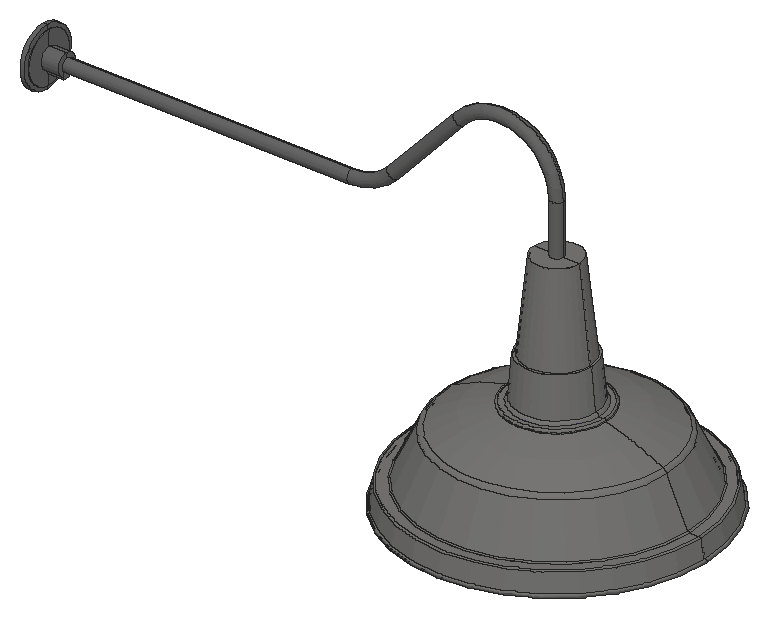
Revit family "OSNC MB 24,36,40", category Lighting Fixtures, Revit 2020
Family settings
  Round Connector Dimension = Use Diameter
  Part Type = Normal
  OmniClass Number = 23.80.70.00
  OmniClass Title = Lighting
  Work Plane-Based = No
  Always vertical = Yes
  Cut with Voids When Loaded = No
  Light Source = Yes
  Shared = No
  Room Calculation Point = No
Parameters (values of type "OSNC24")
  b = 0' - 2"
  a = 1' - 6"
  Weight = "10.0 lbs"
  Wattage Comments = "200 W"
  Wattage = 20.1963 W
  Warranty = "5 year limited warranty"  # constant formula
  built-in parameter 1150110 = 1 (stored number, unit not read)
  Voltage = 120 V
  URL = "https://www.anplighting.com/assets/Uploads/product-attachments/specification-sheets/ANP-Specification-Sheet-RLM-MB-OSNC24.pdf"
  built-in parameter 1114217 = 1 (stored number, unit not read)
  Tilt Angle = 90.00°
  built-in parameter 1150109 = 1 (stored number, unit not read)
  built-in parameter 1150134 = 12
  built-in parameter 1150113 = 1 (stored number, unit not read)
  Photometric Web File = "generic"
  OSNC40 = no
  OSNC36 = no
  OSNC24 = yes
  built-in parameter 1150142 = (empty or 0)
  Mounting Option [instance] = 4
  Power Factor = 1
  Post Mount [instance] = Mounting Option = 5  # no
  Placement X axis side [instance] = if(Post Mount, 2' 2 15/32", if(Cord or Stem Mount, 0' 0", if(E36 20 inch, 1' 8 1/4", if(E 6 26 inch, 2' 2", if(E7 41 inch, 3' 5 1/4", 0' 1")))))  # 3' - 5 1/4"
  Model = "OSNC24"
  Manufacturer = "ANP Lighting"  # constant formula
  built-in parameter 1150105 = 238.73 (stored number, unit not read)
  Lumens = 3000 lm
  built-in parameter 1150115 = 1 (stored number, unit not read)
  Load Classification = Lighting
  Light Source Height [instance] = 0' - 0"
  built-in parameter 1150137 = (empty or 0)
  built-in parameter 1150139 = (empty or 0)
  Light Elevation _2 [instance] = if(Post Mount, 0' 0.66142", if(E7 41 inch, 0' 0.66142", if(E36 20 inch, 0' 1.65748", if(E 6 26 inch, 0' 1.53543", if(Cord or Stem Mount, (0' 4.3622" + Cord Length), 0' 0")))))  # 0' - 0.66142"
  Light Elevation _1 [instance] = if(Post Mount, 0' 0", if(E7 41 inch, 0' 0", if(E36 20 inch, 0' 1", if(E 6 26 inch, 0' 0.87402", if(Cord or Stem Mount, (0' 3.66142" + Cord Length), 0' 0")))))  # 0' - 0"
  Light Elevation [instance] = if(Post Mount, 14' 0.5315", if(E7 41 inch, 0' 0", 0' 0"))  # 0' - 0"
  Life = "L70 50,000 hours"  # constant formula
  built-in parameter 1150112 = 1 (stored number, unit not read)
  built-in parameter 1150114 = 1 (stored number, unit not read)
  Lamp = "MB"
  built-in parameter 1150132 = 2
  built-in parameter 1150102 = (empty or 0)
  built-in parameter 1150107 = 4000 (stored number, unit not read)
  built-in parameter 1150138 = (empty or 0)
  built-in parameter 1150106 = 2.3873 (stored number, unit not read)
  INSIDE BODY = white
  Fixture Height = 1' - 6"
  Fixture Diameter = 2' - 0"
  Efficiency = "65-125 lumens per watt"  # constant formula
  built-in parameter 1150104 = 13.8 (stored number, unit not read)
  E7 41 inch [instance] = Mounting Option = 4  # yes
  E36 20 inch [instance] = Mounting Option = 3  # no
  E 6 26 inch [instance] = Mounting Option = 2  # no
  Dimming Lamp Color Temperature Shift = <None>
  Dimming = "1%"  # constant formula
  Description = "120-277 Voltage"  # constant formula
  Default Elevation = 0' - 0"
  Cord or Stem Mount [instance] = Mounting Option = 1  # no
  Cord Length option [instance] = 0
  Cord Length [instance] = if([2' Cord], 2' 0", if([4' Cord], 4' 0", if([8' Cord], 8' 0", if([10' Cord], 10' 0", if([6' Cord], 6' 0", 6' 0")))))  # 6' - 0"
  Construction Material = "Heavy Duty spun aluminum."  # constant formula
  Color Filter = 16777215
  Canopy Body = Texture Black
  CRI = ">90"  # constant formula
  Bulb = Glass
  Body Material = body
  Body Colour = "Spun aluminium"  # constant formula
  built-in parameter 1114218 = 1 (stored number, unit not read)
  built-in parameter 1150133 = 10 (stored number, unit not read)
  Apparent Load = 200 VA
  8' Cord [instance] = Cord Length option = 8  # no
  6' Cord [instance] = Cord Length option = 6  # no
  4' Cord [instance] = Cord Length option = 4  # no
  2' Cord [instance] = Cord Length option = 2  # no
  10' Cord [instance] = Cord Length option = 10  # no
Reference planes (in)
  plane 1 "Light Source Axis (F/B)": y = 0
  plane 2: z = 0
  plane 3 "Light Source Axis (L/R)": x = 0
  plane 4 "Light Source Elevation": z = 0
  plane 5: z = 0
  plane 6: x = 41.25
  plane 7 "Bulb Position": z = -0.66142
  plane 8 "Canopy Position": z = 0
  plane 9 "IES": z = -0.66142
  plane 10: z = 164.5315
  plane 11: z = -18
  plane 12: z = -16
  plane 13: z = -13.56887
Dimensions and locks (in)
  "Light Elevation": plane 5 to plane 2
  "Placement X axis side": plane 6 to plane 3 "Light Source Axis (L/R)"
  "Light Elevation _2": plane 5 to plane 7 "Bulb Position"
  "Light Elevation _1": plane 5 to plane 8 "Canopy Position"
  "Light Source Height": plane 7 "Bulb Position" to plane 9 "IES"
  plane 4 "Light Source Elevation" to plane 2 = 0' - 0"
  "a": plane 8 "Canopy Position" to plane 11
  "b": plane 12 to plane 11
  locked: plane 13 to plane 12 at 2.43113
  aligned and locked: level to plane 2
  aligned and locked: plane 1 "Light Source Axis (F/B)" to nested 5
  aligned and locked: nested 5 to plane 2
  aligned and locked: nested 1 to plane 3 "Light Source Axis (L/R)"
  aligned and locked: plane 3 "Light Source Axis (L/R)" to nested 2
  aligned and locked: plane 3 "Light Source Axis (L/R)" to nested 4
  aligned and locked: nested 3 to plane 5
  aligned and locked: plane 3 "Light Source Axis (L/R)" to nested 3
  aligned and locked: plane 3 "Light Source Axis (L/R)" to nested 5
  aligned and locked: plane 1 "Light Source Axis (F/B)" to nested 2
  aligned and locked: plane 1 "Light Source Axis (F/B)" to nested 1
  aligned and locked: plane 1 "Light Source Axis (F/B)" to nested 4
  aligned and locked: plane 1 "Light Source Axis (F/B)" to nested 3
  aligned and locked: plane 2 to nested 1
  aligned and locked: nested 2 to plane 2
  aligned and locked: nested 4 to plane 2
  aligned and locked: plane 6 to imposter light
  aligned and locked: imposter light to plane 12
  aligned and locked: plane 6 to nested 7
  aligned and locked: plane 1 "Light Source Axis (F/B)" to nested 7
  aligned and locked: nested 7 to plane 8 "Canopy Position"
  aligned and locked: plane 6 to nested 8
  aligned and locked: plane 1 "Light Source Axis (F/B)" to nested 8
  aligned and locked: nested 8 to plane 8 "Canopy Position"
  aligned and locked: plane 6 to nested 6
  aligned and locked: plane 1 "Light Source Axis (F/B)" to nested 6
  aligned and locked: nested 6 to plane 8 "Canopy Position"
Nested families (in)
  nested 1: "CORD OR STEM MOUNT" at (0, 0, -75.67), visible <- "Cord or Stem Mount", Cord or Stem Mount <- "Cord or Stem Mount", Body Material <- "Body Material", Light Elevation <- "Light Elevation", Cord Length <- "Cord Length", 10' Cord <- "10' Cord", 2' Cord <- "2' Cord", 4' Cord <- "4' Cord", 6' Cord <- "6' Cord", 8' Cord <- "8' Cord", type "CORD OR STEM MOUNT"
    with Light Elevation 0' - 0", Cord or Stem Mount no, Cord Length 6' - 0", Body Material body, 8' Cord no, 6' Cord no, 4' Cord no, 2' Cord no, 10' Cord no
  nested 2: "E6 26 INCH" at (41.25, 0, 0), visible <- "E 6 26 inch", Chain Length <- "Cord Length", E 6 26 inch <- "E 6 26 inch", Placement X axis side <- "Placement X axis side", Body Material <- "Body Material", Light Elevation <- "Light Elevation", type "E6 26 INCH"
    with Placement X axis side 3' - 5 1/4", Light Elevation 0' - 0", E 6 26 inch no, Chain Length 6' - 0", Body Material body
  nested 3: "E7 41 INCH" at (41.25, 0, 0), Chain Length <- "Cord Length", visible <- "E7 41 inch", E7 41 inch <- "E7 41 inch", Placement X axis side <- "Placement X axis side", Body Material <- "Body Material", Light Elevation <- "Light Elevation", type "E7 41 INCH"
    with Placement X axis side 3' - 5 1/4", Light Elevation 0' - 0", E7 41 inch yes, Chain Length 6' - 0", Body Material body
  nested 4: "E36 20 INCH" at (41.25, 0, 0), visible <- "E36 20 inch", E36 20 inch <- "E36 20 inch", Placement X axis side <- "Placement X axis side", Chain Length <- "Cord Length", Body Material <- "Body Material", Light Elevation <- "Light Elevation", type "E36 20 INCH"
    with Placement X axis side 3' - 5 1/4", Light Elevation 0' - 0", E36 20 inch no, Chain Length 6' - 0", Body Material body
  nested 5: "POST MOUNT" at (41.25, 0, 0), visible <- "Post Mount", Post Mount <- "Post Mount", Placement X axis side <- "Placement X axis side", Chain Length <- "Cord Length", Body Material <- "Body Material", Light Elevation <- "Light Elevation", type "POST MOUNT"
    with Post Mount no, Placement X axis side 3' - 5 1/4", Light Elevation 0' - 0", Chain Length 6' - 0", Body Material body
  nested 6: "OSNC36_1" at (41.25, 0, 0), Light Elevation <- "Light Elevation", Bulb <- "Bulb", Body <- "Canopy Body", visible <- "OSNC36", OSNC36 <- "OSNC36", INSIDE BODY <- "INSIDE BODY", type "OSNC36_1"
    with OSNC36 no, Light Elevation 0' - 0", INSIDE BODY white, Bulb Glass, Body Texture Black
  nested 7: "OSNC24_1" at (41.25, 0, 0), Light Elevation <- "Light Elevation", Bulb <- "Bulb", Body <- "Canopy Body", visible <- "OSNC24", OSNC24 <- "OSNC24", type "OSNC24_1"
    with OSNC24 yes, Light Elevation 0' - 0", Bulb Glass, Body Texture Black
  nested 8: "OSNC40_1" at (41.25, 0, 0), OSNC40 <- "OSNC40", visible <- "OSNC40", Body <- "Canopy Body", Bulb <- "Bulb", Light Elevation <- "Light Elevation", INSIDE BODY <- "INSIDE BODY", type "OSNC40_1"
    with OSNC40 no, Light Elevation 0' - 0", INSIDE BODY white, Bulb Glass, Body Texture Black
Definition of nested family "E7 41 INCH"
  Parameters (values of type "E7 41 INCH")
    URL = ""
    Placement X axis side [instance] = 4' - 2"
    Model = ""
    Manufacturer = ""
    Light Elevation [instance] = 8' - 4"
    E7 41 inch [instance] = yes
    Default Elevation = 0' - 0"
    Chain Length [instance] = 0' - 0"
    Body Material [instance] = none
  Reference planes (in)
    plane 1 "Light Source Axis (F/B)": y = 0
    plane 2: z = 0
    plane 3 "Light Source Axis (L/R)": x = 0
    plane 4 "Light Source Elevation": z = 23.125
    plane 5: z = 100
    plane 6: x = -50
  Forms (in)
    Extrusion 1, void, not visible
      sketch origin (0, 0, 2.38154) x (1, 0, 0) y (0, 0, 1)
        loop
          circle (0, 4.59925) r 0.16583
      from 1.18594 to 1.75
    Extrusion 2, void, not visible
      sketch origin (0, 0, 2.38154) x (0.707107, -0.707107, 0) y (0, 0, 1)
        loop
          circle (0, 4.59925) r 0.16583
      from 1.18594 to 1.75
    Extrusion 3, void, not visible
      sketch origin (0, 0, 2.38154) x (0.707107, 0.707107, 0) y (0, 0, 1)
        loop
          circle (0, 4.59925) r 0.16583
      from 1.18594 to 1.75
    Extrusion 4, void, not visible
      sketch origin (0, 0, 2.38154) x (0, 1, 0) y (0, 0, 1)
        loop
          circle (0, 4.59925) r 0.16583
      from 1.18594 to 1.75
    Extrusion 5, void, not visible
      sketch origin (0, 0, 2.38154) x (-0.707107, 0.707107, 0) y (0, 0, 1)
        loop
          circle (0, 4.59925) r 0.16583
      from 1.18594 to 1.75
    Extrusion 6, void, not visible
      sketch origin (0, 0, 2.38154) x (-1, 0, 0) y (0, 0, 1)
        loop
          circle (0, 4.59925) r 0.20678
      from 1.18594 to 1.75
    Extrusion 7, void, not visible
      sketch origin (0, 0, 2.38154) x (-0.707107, -0.707107, 0) y (0, 0, 1)
        loop
          circle (0, 4.59925) r 0.16583
      from 1.18594 to 1.75
    Extrusion 8, void, not visible
      sketch origin (0, 0, 2.38154) x (0, -1, 0) y (0, 0, 1)
        loop
          circle (0, 4.59925) r 0.16583
      from 1.18594 to 1.75
    Revolve 9, solid, material <- "Body Material", visible <- "E7 41 inch"
      sketch origin (-41.25, 0, 168.39193) x (1, 0, 0) y (0, 0, 1)
        loop
          line (-8.75, -66.20443) -> (-8.75, -68.51693) -> (-6.87, -68.51693) -> (-6.87, -67.69272) -> (-8.2974, -67.69272) -> (-8.2974, -66.54122) -> (-8.41875, -66.54122) -> (-8.41875, -66.20443) -> (-8.75, -66.20443)
        axis (-8.75, -68.51693) -> (-6.87, -68.51693)
      angle from 0 to 360
    Extrusion 10, solid, material <- "Body Material", visible <- "E7 41 inch"
      sketch origin (-41.25, 0, 168.39193) x (0, -1, 0) y (0, 0, -1)
        loop
          line (0.25, 68.51693) -> (0.25, 69.51693) -> (-0.25, 69.51693) -> (-0.25, 68.51693) -> (0.25, 68.51693)
      from -8.2974 to -6.87
    Sweep 11, solid, material <- "Body Material", visible <- "E7 41 inch"
      path origin (-41.25, 0, 168.39193) x (1, 0, 0) y (0, 0, 1)
        loop
          line (-6.87, -68.51693) -> (16.04011, -68.51693)
          arc (16.04011, -68.51693) -> (17.864, -68.13651) -> (19.38375, -67.0587) r 4.5625
          line (19.38375, -67.0587) -> (24.70217, -61.33018)
          arc (24.70217, -61.33018) -> (29.64465, -60.20324) -> (32.5, -64.39193) r 4.5
          line (32.5, -64.39193) -> (32.5, -68.39193)
      profile origin (-36.66494, 0, 99.875) x (0, 0, 1) y (0, -1, 0)
        loop
          circle (0, 0) r 0.5
  Dimensions and locks (in)
    "Placement X axis side": plane 3 "Light Source Axis (L/R)" to plane 6
    "Light Elevation": plane 5 to plane 2
    locked: Revolve 9 sketch curve to Revolve 9 sketch curve at 0.33125
    locked: Revolve 9 sketch curve to Revolve 9 sketch curve at 0.4526
    locked: Revolve 9 sketch curve to Revolve 9 sketch curve at 1.88
    locked: Revolve 9 sketch curve to Revolve 9 sketch curve at 0.82421
    locked: Revolve 9 sketch curve to Revolve 9 sketch curve at 1.1515
    locked: Revolve 9 sketch curve to Revolve 9 sketch curve at 0.33679
    locked: plane 5 to Revolve 9 sketch curve at 0.125
    locked: Extrusion 10 sketch curve to Extrusion 10 sketch curve at 0.5
    locked: Extrusion 10 sketch curve to Extrusion 10 sketch curve at 1
    locked: plane 5 to Extrusion 10 sketch curve at 0.125
    locked: plane 5 to Sweep 11 sketch curve at 0.125
    locked: Sweep 11 sketch curve to Sweep 11 sketch curve at 39.37
    locked: Sweep 11 sketch curve to Sweep 11 sketch curve at 4
    locked: plane 6 to Extrusion 10 at 0.4526
    locked: Sweep 11 sketch curve to plane 6 at 1.88
    locked: Extrusion 10 to Extrusion 10 at 1.4274
    aligned and locked: plane 2 to level
    aligned and locked: Revolve 9 sketch curve to plane 6
  Automatic sketch dimensions
    Revolve 9 sketch curve to plane 5 = 0' - 0 1/8"
    plane 6 to Revolve 9 sketch curve = 0' - 0.62562"
    Revolve 9 sketch curve to Revolve 9 sketch curve = 0' - 0 1/2"
    plane 1 "Light Source Axis (F/B)" to Extrusion 10 sketch curve = 0' - 0 1/4"
    Sweep 11 sketch curve to plane 5 = 0' - 0"
    Sweep 11 sketch curve to Sweep 11 sketch curve = 0' - 4 1/2"
    Sweep 11 sketch curve to Sweep 11 sketch curve = 0' - 3.29783"
    plane 5 to Sweep 11 sketch curve = 0' - 1.33323"
    Sweep 11 sketch curve to Sweep 11 sketch curve = 0' - 5.31842"
    Sweep 11 sketch curve to Sweep 11 sketch curve = 0' - 3.34364"
    profile plane to Sweep 11 sketch curve = 0' - 0"
    Sweep 11 sketch curve to profile plane = 0' - 0"
    radius of Sweep 11 sketch curve = 0' - 0 1/2"
Definition of nested family "OSNC24_1"
  Parameters (values of type "OSNC24_1")
    OSNC24 [instance] = yes
    Light Elevation [instance] = 3' - 0"
    INSIDE BODY [instance] = none
    Default Elevation = 0' - 0"
    Bulb [instance] = none
    Body [instance] = none
  Reference planes (in)
    plane 1 "Center (Front/Back)": y = 0
    plane 2: z = 0
    plane 3 "Center (Left/Right)": x = 0
    plane 4: z = 36
  Dimensions and locks (in)
    "Light Elevation": plane 4 to plane 2
    locked: plane 4 to nested 2 at 12.11175
    aligned and locked: plane 2 to level
    aligned and locked: plane 3 "Center (Left/Right)" to nested 1
    aligned and locked: plane 1 "Center (Front/Back)" to nested 1
    aligned and locked: plane 4 to nested 1
  Nested families (in)
    nested 1: "OSNC 24" at (0, 0, 18), BODY <- "Body", visible <- "OSNC24", OSNC24 <- "OSNC24", INSIDE BODY <- "INSIDE BODY", type "Standard"
      with OSNC24 yes, BODY none
    nested 2: "MB BULB" at (0, 0, 15.73264), Bulb <- "Bulb", visible <- "OSNC24", OSNC24 <- "OSNC24", type "MB BULB"
      with OSNC24 yes, Bulb none
  Definition of nested family "OSNC 24"
    Parameters (values of type "Standard")
      OSNC24 [instance] = yes
      INSIDE BODY [instance] = none
      BODY [instance] = none
      Default Elevation = 0' - 0"
    Reference planes (in)
      plane 1 "Center (Front/Back)": y = 0
      plane 2: z = 0
      plane 3 "Center (Left/Right)": x = 0
      plane 4: z = 18
      plane 5: x = 12
      plane 6: x = -12
    Forms (in)
      Revolve 1, solid, material <- "BODY", visible <- "OSNC24"
        sketch origin (0, 0, 0) x (1, 0, 0) y (0, 0, 1)
          loop
            line (-11.54212, 1.65559) -> (-11.82258, 0.10398)
            arc (-11.82258, 0.10398) -> (-11.91378, 0.10882) -> (-11.86732, 0.18745) r 0.0534
            line (-11.86732, 0.18745) -> (-11.86732, 0.26745)
            arc (-11.86732, 0.26745) -> (-11.98023, 0.06179) -> (-11.74612, 0.07722) r 0.13378
            line (-11.74612, 0.07722) -> (-11.46513, 1.63175)
            arc (-11.46513, 1.63175) -> (-11.44215, 1.65653) -> (-11.4092, 1.66404) r 0.05725
            line (-11.4092, 1.66404) -> (-10.65794, 1.66404)
            arc (-10.65794, 1.66404) -> (-10.52488, 1.70238) -> (-10.43265, 1.80566) r 0.25
            line (-10.43265, 1.80566) -> (-8.7595, 5.28384)
            arc (-8.7595, 5.28384) -> (-8.62287, 5.45969) -> (-8.42596, 5.56371) r 0.52881
            arc (-8.42596, 5.56371) -> (-6.1773, 6.56841) -> (-3.81475, 7.26427) r 18.42738
            line (-3.81475, 7.26427) -> (-3.81475, 7.3888)
            arc (-3.81475, 7.3888) -> (-3.79567, 7.43486) -> (-3.74962, 7.45393) r 0.06513
            line (-3.74962, 7.45393) -> (-3.24784, 7.45393)
            arc (-3.24784, 7.45393) -> (-3.18444, 7.62787) -> (-3.03401, 7.73576) r 0.31366
            line (-3.03401, 7.73576) -> (-2.74314, 10.85026) -> (-2.51793, 10.85026) -> (-1.73658, 17.89075) -> (-0.19061, 17.89075) -> (-0.19061, 18) -> (-1.8218, 18) -> (-2.60613, 10.93252) -> (-2.81505, 10.93252) -> (-3.10885, 7.78662)
            arc (-3.10885, 7.78662) -> (-3.23796, 7.67944) -> (-3.32393, 7.53533) r 0.49587
            line (-3.32393, 7.53533) -> (-3.75008, 7.53533)
            arc (-3.75008, 7.53533) -> (-3.85238, 7.49296) -> (-3.89475, 7.39066) r 0.14467
            line (-3.89475, 7.39066) -> (-3.89475, 7.32866)
            arc (-3.89475, 7.32866) -> (-6.23889, 6.66502) -> (-8.45312, 5.64886) r 15.79896
            arc (-8.45312, 5.64886) -> (-8.67563, 5.52377) -> (-8.83047, 5.32083) r 0.63177
            line (-8.83047, 5.32083) -> (-10.51332, 1.8225)
            arc (-10.51332, 1.8225) -> (-10.56326, 1.76658) -> (-10.63531, 1.74582) r 0.13537
            line (-10.63531, 1.74582) -> (-11.40835, 1.74582)
            arc (-11.40835, 1.74582) -> (-11.48928, 1.72153) -> (-11.54212, 1.65559) r 0.14209
          axis (0, 0.07722) -> (0, 18)
        angle from 0 to 360
      Revolve 2, solid, material <- "INSIDE BODY", visible <- "OSNC24"
        sketch origin (2, 0, 0) x (1, 0, 0) y (0, 0, 1)
          loop
            line (-13.41712, 1.40559) -> (-13.64383, 0.15133) -> (-13.56254, 0.15133) -> (-13.34013, 1.38175)
            arc (-13.34013, 1.38175) -> (-13.31715, 1.40653) -> (-13.2842, 1.41404) r 0.05725
            line (-13.2842, 1.41404) -> (-12.53294, 1.41404)
            arc (-12.53294, 1.41404) -> (-12.39988, 1.45238) -> (-12.30765, 1.55566) r 0.25
            line (-12.30765, 1.55566) -> (-10.55376, 5.20168)
            arc (-10.55376, 5.20168) -> (-8.1805, 6.31667) -> (-5.67302, 7.08351) r 18.42738
            line (-5.67302, 7.08351) -> (-5.14475, 7.08351) -> (-5.14475, 7.17241) -> (-5.64475, 7.17241)
            arc (-5.64475, 7.17241) -> (-8.21253, 6.42443) -> (-10.61735, 5.25404) r 15.79896
            line (-10.61735, 5.25404) -> (-12.38832, 1.5725)
            arc (-12.38832, 1.5725) -> (-12.43826, 1.51658) -> (-12.51031, 1.49582) r 0.13537
            line (-12.51031, 1.49582) -> (-13.28335, 1.49582)
            arc (-13.28335, 1.49582) -> (-13.36428, 1.47153) -> (-13.41712, 1.40559) r 0.14209
          axis (-2, 0.15133) -> (-2, 7.17241)
        angle from 0 to 360
    Dimensions and locks (in)
      plane 4 to plane 2 = 1' - 6"
      plane 5 to plane 3 "Center (Left/Right)" = 1' - 0"
      plane 6 to plane 5 = 2' - 0"
      aligned and locked: plane 2 to level
      aligned and locked: plane 3 "Center (Left/Right)" to Revolve 2 sketch curve
  Definition of nested family "MB BULB"
    Parameters (values of type "MB BULB")
      OSNC24 [instance] = yes
      Default Elevation = 0' - 0"
      Bulb [instance] = none
    Reference planes (in)
      plane 1 "Center (Front/Back)": y = 0
      plane 2: z = 0
      plane 3 "Center (Left/Right)": x = 0
      plane 4: x = -11
      plane 5: z = 8
      plane 6: x = 11
    Forms (in)
      Revolve 1, solid, material <- "Bulb", visible <- "OSNC24"
        sketch origin (0, 0, 0) x (1, 0, 0) y (0, 0, 1)
          loop
            line (0, 6.26711) -> (0.52888, 6.26711) -> (0.64833, 6.38656) -> (0.64833, 7.72288) -> (8, 7.72288) -> (8, 7.82099) -> (0.60338, 7.82099) -> (0, 7.82099) -> (0, 6.26711)
          axis (0, 7.82099) -> (0, 6.26711)
        angle from 0 to 360
      Extrusion 2, solid, material <- "Bulb", visible <- "OSNC24"
        sketch origin (0, 0, 0) x (1, 0, 0) y (0, 1, 0)
          loop
            line (-0.25215, 0.13417) -> (-0.25215, -0.15988) -> (0.30767, -0.15988) -> (0.30767, 0.13417) -> (-0.25215, 0.13417)
        from 7.82099 to 8.15561
      Extrusion 3, solid, material <- "Bulb", visible <- "OSNC24"
        sketch origin (0, 0, 0) x (1, 0, 0) y (0, 0, 1)
          loop
            line (0.30767, 8.15561) -> (0.30767, 7.82099) -> (0.34941, 7.82099) -> (0.34941, 8.08825) -> (0.30767, 8.15561)
        from -0.13417 to 0.15988
      Revolve 4, solid, material <- "Bulb", visible <- "OSNC24"
        sketch origin (0, 0, 0.0572) x (1, 0, 0) y (0, 0, 1)
          loop
            line (0.34941, 7.89742) -> (0.44052, 7.89742) -> (0.44052, 7.93962) -> (0.4223, 7.96563) -> (0.38263, 7.96563) -> (0.38263, 7.93181) -> (0.34941, 7.93181) -> (0.34941, 7.89742)
          axis (0.34941, 7.89742) -> (0.44052, 7.89742)
        angle from 0 to 360
    Dimensions and locks (in)
      plane 5 to plane 2 = 0' - 8"
      plane 3 "Center (Left/Right)" to plane 4 = 0' - 11"
      plane 6 to plane 4 = 1' - 10"
      plane 3 "Center (Left/Right)" to Extrusion 2 = 0' - 0.25215"
      aligned and locked: plane 2 to level
      aligned and locked: Extrusion 2 to Revolve 1
      aligned and locked: Extrusion 2 to Extrusion 3
Definition of nested family "CORD OR STEM MOUNT"
  Parameters (values of type "CORD OR STEM MOUNT")
    URL = ""
    Model = ""
    Manufacturer = ""
    Light Elevation [instance] = 1' - 7.69"
    Default Elevation = 0' - 0"
    Cord or Stem Mount [instance] = yes
    Cord Length [instance] = 6' - 0"
    Body Material [instance] = none
    8' Cord [instance] = no
    6' Cord [instance] = no
    4' Cord [instance] = no
    2' Cord [instance] = no
    10' Cord [instance] = no
  Reference planes (in)
    plane 1 "Light Source Axis (F/B)": y = 0
    plane 2: z = 0
    plane 3 "Light Source Axis (L/R)": x = 0
    plane 4 "Light Source Elevation": z = 23.125
    plane 5: z = 91.69
    plane 6: z = 19.69
  Forms (in)
    Extrusion 1, void, not visible
      sketch origin (0, 0, 2.38154) x (1, 0, 0) y (0, 0, 1)
        loop
          circle (0, 4.59925) r 0.16583
      from 1.18594 to 1.75
    Extrusion 2, void, not visible
      sketch origin (0, 0, 2.38154) x (0.707107, -0.707107, 0) y (0, 0, 1)
        loop
          circle (0, 4.59925) r 0.16583
      from 1.18594 to 1.75
    Extrusion 3, void, not visible
      sketch origin (0, 0, 2.38154) x (0.707107, 0.707107, 0) y (0, 0, 1)
        loop
          circle (0, 4.59925) r 0.16583
      from 1.18594 to 1.75
    Extrusion 4, void, not visible
      sketch origin (0, 0, 2.38154) x (0, 1, 0) y (0, 0, 1)
        loop
          circle (0, 4.59925) r 0.16583
      from 1.18594 to 1.75
    Extrusion 5, void, not visible
      sketch origin (0, 0, 2.38154) x (-0.707107, 0.707107, 0) y (0, 0, 1)
        loop
          circle (0, 4.59925) r 0.16583
      from 1.18594 to 1.75
    Extrusion 6, void, not visible
      sketch origin (0, 0, 2.38154) x (-1, 0, 0) y (0, 0, 1)
        loop
          circle (0, 4.59925) r 0.20678
      from 1.18594 to 1.75
    Extrusion 7, void, not visible
      sketch origin (0, 0, 2.38154) x (-0.707107, -0.707107, 0) y (0, 0, 1)
        loop
          circle (0, 4.59925) r 0.16583
      from 1.18594 to 1.75
    Extrusion 8, void, not visible
      sketch origin (0, 0, 2.38154) x (0, -1, 0) y (0, 0, 1)
        loop
          circle (0, 4.59925) r 0.16583
      from 1.18594 to 1.75
    Revolve 9, solid, material <- "Body Material", visible <- "Cord or Stem Mount"
      sketch origin (0, 0, 174.56698) x (1, 0, 0) y (0, 0, 1)
        loop
          line (2.6875, -79.20698) -> (0, -79.20698) -> (0, -82.87698) -> (0.125, -82.87698) -> (0.125, -82.83698) -> (0.75, -82.83698)
          arc (0.75, -82.83698) -> (0.81694, -82.77004) -> (0.75, -82.7031) r 0.06694
          line (0.75, -82.7031) -> (0.89763, -82.7031) -> (1.00223, -82.5985) -> (1.06587, -82.5985)
          arc (1.06587, -82.5985) -> (1.80099, -82.29401) -> (2.10549, -81.55888) r 1.03962
          line (2.10549, -81.55888) -> (2.10549, -81.03899)
          arc (2.10549, -81.03899) -> (2.12951, -80.981) -> (2.1875, -80.95698) r 0.08201
          line (2.1875, -80.95698) -> (2.1875, -80.70698) -> (2.6875, -80.70698) -> (2.6875, -79.20698)
        axis (0, -79.20698) -> (0, -82.87698)
      angle from 0 to 360
    Revolve 10, solid, material <- "Body Material", visible <- "Cord or Stem Mount"
      sketch origin (0, 0, 0) x (1, 0, 0) y (0, 0, 1)
        loop
          line (0, 91.69) -> (-0.125, 91.69) -> (-0.125, 19.69) -> (0, 19.69) -> (0, 91.69)
        axis (0, 19.69) -> (0, 91.69)
      angle from 0 to 360
  Dimensions and locks (in)
    "Light Elevation": plane 6 to plane 2
    "Cord Length": plane 5 to plane 6
    locked: Revolve 10 sketch curve to Revolve 10 sketch curve at 0.125
    aligned and locked: level to plane 2
    aligned and locked: Revolve 10 sketch curve to plane 3 "Light Source Axis (L/R)"
    aligned and locked: Revolve 10 sketch curve to plane 6
    aligned and locked: Revolve 10 sketch curve to plane 5
    aligned and locked: plane 3 "Light Source Axis (L/R)" to Revolve 10 sketch curve
  Automatic sketch dimensions
    Revolve 9 sketch curve to plane 3 "Light Source Axis (L/R)" = 0' - 0"  (x2)
    Revolve 9 sketch curve to plane 5 = 0' - 0"
    plane 3 "Light Source Axis (L/R)" to Revolve 9 sketch curve = 0' - 0 1/8"
    Revolve 9 sketch curve to plane 5 = 0' - 0.17388"
    Revolve 9 sketch curve to Revolve 9 sketch curve = 0' - 0 5/8"
    Revolve 9 sketch curve to Revolve 9 sketch curve = 0' - 0.14763"
    Revolve 9 sketch curve to plane 5 = 0' - 0.27847"
    Revolve 9 sketch curve to Revolve 9 sketch curve = 0' - 0.1046"
    Revolve 9 sketch curve to Revolve 9 sketch curve = 0' - 0.06364"
    Revolve 9 sketch curve to Revolve 9 sketch curve = 0' - 1.03962"
    Revolve 9 sketch curve to Revolve 9 sketch curve = 0' - 0 21/256"
    Revolve 9 sketch curve to Revolve 9 sketch curve = 0' - 0 1/2"  (x2)
    Revolve 9 sketch curve to Revolve 9 sketch curve = 0' - 0.51989"
    Revolve 9 sketch curve to Revolve 9 sketch curve = 0' - 0 1/4"
    Revolve 9 sketch curve to Revolve 9 sketch curve = 0' - 2.3519"
    Revolve 9 sketch curve to Revolve 9 sketch curve = 0' - 1 1/4"
    Revolve 9 sketch curve to Revolve 9 sketch curve = 0' - 0.04"
    Revolve 10 sketch curve to Revolve 10 sketch curve = 0' - 0 1/2"
    Revolve 10 sketch curve to Revolve 10 sketch curve = 0' - 0.42345"
Definition of nested family "E6 26 INCH"
  Parameters (values of type "E6 26 INCH")
    URL = ""
    Placement X axis side [instance] = 2' - 2"
    Model = ""
    Manufacturer = ""
    Light Elevation [instance] = 8' - 4"
    E 6 26 inch [instance] = yes
    Default Elevation = 0' - 0"
    Chain Length [instance] = 0' - 0"
    Body Material [instance] = none
  Reference planes (in)
    plane 1 "Light Source Axis (F/B)": y = 0
    plane 2: z = 0
    plane 3 "Light Source Axis (L/R)": x = 0
    plane 4 "Light Source Elevation": z = 23.125
    plane 5: z = 100
    plane 6: x = -26
    plane 7: z = 99.125
    plane 8: x = -24.12
    plane 9: x = -25.5474
  Forms (in)
    Extrusion 1, void, not visible
      sketch origin (0, 0, 2.38154) x (1, 0, 0) y (0, 0, 1)
        loop
          circle (0, 4.59925) r 0.16583
      from 1.18594 to 1.75
    Extrusion 2, void, not visible
      sketch origin (0, 0, 2.38154) x (0.707107, -0.707107, 0) y (0, 0, 1)
        loop
          circle (0, 4.59925) r 0.16583
      from 1.18594 to 1.75
    Extrusion 3, void, not visible
      sketch origin (0, 0, 2.38154) x (0.707107, 0.707107, 0) y (0, 0, 1)
        loop
          circle (0, 4.59925) r 0.16583
      from 1.18594 to 1.75
    Extrusion 4, void, not visible
      sketch origin (0, 0, 2.38154) x (0, 1, 0) y (0, 0, 1)
        loop
          circle (0, 4.59925) r 0.16583
      from 1.18594 to 1.75
    Extrusion 5, void, not visible
      sketch origin (0, 0, 2.38154) x (-0.707107, 0.707107, 0) y (0, 0, 1)
        loop
          circle (0, 4.59925) r 0.16583
      from 1.18594 to 1.75
    Extrusion 6, void, not visible
      sketch origin (0, 0, 2.38154) x (-1, 0, 0) y (0, 0, 1)
        loop
          circle (0, 4.59925) r 0.20678
      from 1.18594 to 1.75
    Extrusion 7, void, not visible
      sketch origin (0, 0, 2.38154) x (-0.707107, -0.707107, 0) y (0, 0, 1)
        loop
          circle (0, 4.59925) r 0.16583
      from 1.18594 to 1.75
    Extrusion 8, void, not visible
      sketch origin (0, 0, 2.38154) x (0, -1, 0) y (0, 0, 1)
        loop
          circle (0, 4.59925) r 0.16583
      from 1.18594 to 1.75
    Sweep 9, solid, material <- "Body Material", visible <- "E 6 26 inch"
      path origin (-41.25, 0, 168.51693) x (1, 0, 0) y (0, 0, 1)
        loop
          line (17.13, -68.51693) -> (27.68551, -68.51693)
          arc (27.68551, -68.51693) -> (28.47996, -68.34486) -> (29.13202, -67.8595) r 1.92004
          line (29.13202, -67.8595) -> (34.23651, -62.01155)
          arc (34.23651, -62.01155) -> (38.65464, -60.89667) -> (41.25, -64.64193) r 4
          line (41.25, -64.64193) -> (41.25, -69.39193)
      profile origin (-18.84224, 0, 100) x (0, 0, 1) y (0, -1, 0)
        loop
          circle (0, 0) r 0.5
    Revolve 10, solid, material <- "Body Material", visible <- "E 6 26 inch"
      sketch origin (-26, 0, 168.51693) x (1, 0, 0) y (0, 0, 1)
        loop
          line (0, -66.07943) -> (0, -68.51693) -> (1.88, -68.51693) -> (1.88, -67.69272) -> (0.4526, -67.69272) -> (0.4526, -66.54122) -> (0.33125, -66.54122) -> (0.33125, -66.07943) -> (0, -66.07943)
        axis (0, -68.51693) -> (1.88, -68.51693)
      angle from 0 to 360
    Extrusion 11, solid, material <- "Body Material", visible <- "E 6 26 inch"
      sketch origin (-26, 0, 168.51693) x (0, -1, 0) y (0, 0, -1)
        loop
          line (0.25, 68.51693) -> (0.25, 69.51693) -> (-0.25, 69.51693) -> (-0.25, 68.51693) -> (0.25, 68.51693)
      from 0.4526 to 1.88
  Cuts and joins
    joined: Revolve 10, Extrusion 11
  Dimensions and locks (in)
    "Light Elevation": plane 5 to plane 2
    "Placement X axis side": plane 3 "Light Source Axis (L/R)" to plane 6
    locked: plane 5 to plane 7 at 0.875
    Revolve 10 sketch curve to Revolve 10 sketch curve to Revolve 10 sketch curve to plane 6 = 0' - 1.4274" locked, 0' - 0.12135" locked, 0' - 0.33125" locked
    Revolve 10 sketch curve to Revolve 10 sketch curve to Revolve 10 sketch curve to plane 5 = 0' - 0.46179" locked, 0' - 1.1515" locked, 0' - 0 211/256" locked
    locked: Sweep 9 sketch curve to plane 6 at 1.88
    locked: Sweep 9 sketch curve to Sweep 9 sketch curve at 10.55551
    locked: Sweep 9 sketch curve to Sweep 9 sketch curve at 13.56449
    locked: Sweep 9 sketch curve to Sweep 9 sketch curve at 4.75
    locked: plane 9 to plane 6 at 0.4526
    locked: plane 8 to plane 9 at 1.4274
    aligned and locked: level to plane 2
    aligned and locked: Revolve 10 sketch curve to plane 6
    aligned and locked: plane 5 to Revolve 10 sketch curve
    aligned and locked: Revolve 10 sketch curve to plane 5
    aligned and locked: cut or joined group of Revolve 10, Extrusion 11 to plane 9
    aligned and locked: plane 8 to cut or joined group of Revolve 10, Extrusion 11
  Automatic sketch dimensions
    Sweep 9 sketch curve to plane 5 = 0' - 0"
    Sweep 9 sketch curve to Sweep 9 sketch curve = 0' - 4"
    Sweep 9 sketch curve to Sweep 9 sketch curve = 0' - 3.01349"
    plane 5 to Sweep 9 sketch curve = 0' - 0.65743"
    Sweep 9 sketch curve to Sweep 9 sketch curve = 0' - 1.4465"
    Sweep 9 sketch curve to plane 5 = 0' - 0 7/8"
    profile plane to Sweep 9 sketch curve = 0' - 0"
    Sweep 9 sketch curve to profile plane = 0' - 0"
    plane 6 to Revolve 10 sketch curve = 0' - 0.62562"
    Revolve 10 sketch curve to Revolve 10 sketch curve = 0' - 0 1/2"
    Extrusion 11 sketch curve to plane 5 = 0' - 0"
    plane 1 "Light Source Axis (F/B)" to Extrusion 11 sketch curve = 0' - 0 1/4"
    Extrusion 11 sketch curve to plane 1 "Light Source Axis (F/B)" = 0' - 0 1/4"
    plane 5 to Extrusion 11 sketch curve = 0' - 1"
    radius of Sweep 9 sketch curve = 0' - 0 1/2"
Definition of nested family "E36 20 INCH"
  Parameters (values of type "E36 20 INCH")
    URL = ""
    Placement X axis side [instance] = 1' - 8 1/4"
    Model = ""
    Manufacturer = ""
    Light Elevation [instance] = 8' - 4"
    E36 20 inch [instance] = yes
    Default Elevation = 0' - 0"
    Chain Length [instance] = 0' - 0"
    Body Material [instance] = none
  Reference planes (in)
    plane 1 "Light Source Axis (F/B)": y = 0
    plane 2: z = 0
    plane 3 "Light Source Axis (L/R)": x = 0
    plane 4 "Light Source Elevation": z = 23.125
    plane 5: z = 99
    plane 6: x = -20.25
    plane 7: z = 100
    plane 8: x = -18.37008
    plane 9: x = -19.79724
  Forms (in)
    Extrusion 1, void, not visible
      sketch origin (0, 0, 2.38154) x (1, 0, 0) y (0, 0, 1)
        loop
          circle (0, 4.59925) r 0.16583
      from 1.18594 to 1.75
    Extrusion 2, void, not visible
      sketch origin (0, 0, 2.38154) x (0.707107, -0.707107, 0) y (0, 0, 1)
        loop
          circle (0, 4.59925) r 0.16583
      from 1.18594 to 1.75
    Extrusion 3, void, not visible
      sketch origin (0, 0, 2.38154) x (0.707107, 0.707107, 0) y (0, 0, 1)
        loop
          circle (0, 4.59925) r 0.16583
      from 1.18594 to 1.75
    Extrusion 4, void, not visible
      sketch origin (0, 0, 2.38154) x (0, 1, 0) y (0, 0, 1)
        loop
          circle (0, 4.59925) r 0.16583
      from 1.18594 to 1.75
    Extrusion 5, void, not visible
      sketch origin (0, 0, 2.38154) x (-0.707107, 0.707107, 0) y (0, 0, 1)
        loop
          circle (0, 4.59925) r 0.16583
      from 1.18594 to 1.75
    Extrusion 6, void, not visible
      sketch origin (0, 0, 2.38154) x (-1, 0, 0) y (0, 0, 1)
        loop
          circle (0, 4.59925) r 0.20678
      from 1.18594 to 1.75
    Extrusion 7, void, not visible
      sketch origin (0, 0, 2.38154) x (-0.707107, -0.707107, 0) y (0, 0, 1)
        loop
          circle (0, 4.59925) r 0.16583
      from 1.18594 to 1.75
    Extrusion 8, void, not visible
      sketch origin (0, 0, 2.38154) x (0, -1, 0) y (0, 0, 1)
        loop
          circle (0, 4.59925) r 0.16583
      from 1.18594 to 1.75
    Sweep 9, solid, material <- "Body Material", visible <- "E36 20 inch"
      path origin (-41.25, 0, 169.51693) x (1, 0, 0) y (0, 0, 1)
        loop
          line (22.88, -69.51693) -> (28.93827, -69.51693)
          arc (28.93827, -69.51693) -> (29.97705, -69.28152) -> (30.81284, -68.62128) r 2.40953
          line (30.81284, -68.62128) -> (34.13807, -64.50378)
          arc (34.13807, -64.50378) -> (38.58272, -63.24548) -> (41.25, -67.01693) r 4
          line (41.25, -67.01693) -> (41.25, -70.51693)
      profile origin (-15.34086, 0, 100) x (0, 0, 1) y (0, -1, 0)
        loop
          circle (0, 0) r 0.5
    Revolve 10, solid, material <- "Body Material", visible <- "E36 20 inch"
      sketch origin (-20.25, 0, 169.51693) x (1, 0, 0) y (0, 0, 1)
        loop
          line (0, -67.20443) -> (0, -69.51693) -> (1.88, -69.51693) -> (1.88, -68.69272) -> (0.4526, -68.69272) -> (0.4526, -67.54122) -> (0.33125, -67.54122) -> (0.33125, -67.20443) -> (0, -67.20443)
        axis (0, -69.51693) -> (1.88, -69.51693)
      angle from 0 to 360
    Extrusion 11, solid, material <- "Body Material", visible <- "E36 20 inch"
      sketch origin (-20.25, 0, 169.51693) x (0, -1, 0) y (0, 0, -1)
        loop
          line (0.25, 69.51693) -> (0.25, 70.51693) -> (-0.25, 70.51693) -> (-0.25, 69.51693) -> (0.25, 69.51693)
      from 1.87992 to 0.45276
  Cuts and joins
    joined: Revolve 10, Extrusion 11
  Dimensions and locks (in)
    "Light Elevation": plane 7 to plane 2
    "Placement X axis side": plane 3 "Light Source Axis (L/R)" to plane 6
    locked: plane 7 to plane 5 at 1
    Revolve 10 sketch curve to Revolve 10 sketch curve to Revolve 10 sketch curve to plane 7 = 0' - 0.33679" locked, 0' - 1.1515" locked, 0' - 0 211/256" locked
    locked: Sweep 9 sketch curve to plane 6 at 1.88
    locked: Sweep 9 sketch curve to Sweep 9 sketch curve at 6.05827
    locked: Sweep 9 sketch curve to Sweep 9 sketch curve at 12.31173
    locked: Sweep 9 sketch curve to Sweep 9 sketch curve at 3.5
    Revolve 10 sketch curve to Revolve 10 sketch curve to Revolve 10 sketch curve to plane 6 = 0' - 1.4274" locked, 0' - 0.12135" locked, 0' - 0.33125" locked
    locked: plane 9 to plane 6 at 0.45276
    locked: plane 8 to plane 9 at 1.42717
    aligned and locked: level to plane 2
    aligned and locked: plane 7 to Revolve 10 sketch curve
    aligned and locked: Revolve 10 sketch curve to plane 7
    aligned and locked: Revolve 10 sketch curve to plane 6
    aligned and locked: cut or joined group of Revolve 10, Extrusion 11 to plane 9
    aligned and locked: plane 8 to cut or joined group of Revolve 10, Extrusion 11
  Automatic sketch dimensions
    Sweep 9 sketch curve to plane 7 = 0' - 0"
    Sweep 9 sketch curve to plane 5 = 0' - 0"
    Sweep 9 sketch curve to Sweep 9 sketch curve = 0' - 4"
    Sweep 9 sketch curve to plane 7 = 0' - 0.89565"
    Sweep 9 sketch curve to Sweep 9 sketch curve = 0' - 3.32523"
    Sweep 9 sketch curve to Sweep 9 sketch curve = 0' - 1.87457"
    profile plane to Sweep 9 sketch curve = 0' - 0"
    Sweep 9 sketch curve to profile plane = 0' - 0"
    plane 6 to Revolve 10 sketch curve = 0' - 0.62562"
    Revolve 10 sketch curve to Revolve 10 sketch curve = 0' - 0 1/2"
    plane 7 to Extrusion 11 sketch curve = 0' - 0"
    Extrusion 11 sketch curve to plane 5 = 0' - 0"
    plane 1 "Light Source Axis (F/B)" to Extrusion 11 sketch curve = 0' - 0 1/4"
    Extrusion 11 sketch curve to plane 1 "Light Source Axis (F/B)" = 0' - 0 1/4"
    radius of Sweep 9 sketch curve = 0' - 0 1/2"
Definition of nested family "POST MOUNT"
  Parameters (values of type "POST MOUNT")
    URL = ""
    Post Mount [instance] = yes
    Placement X axis side [instance] = 2' - 2 1/2"
    Model = ""
    Manufacturer = ""
    Light Elevation [instance] = 14' - 0.5168"
    Default Elevation = 0' - 0"
    Chain Length [instance] = 0' - 0"
    Body Material [instance] = none
  Reference planes (in)
    plane 1 "Light Source Axis (F/B)": y = 0
    plane 2: z = 0
    plane 3 "Light Source Axis (L/R)": x = 0
    plane 4 "Light Source Elevation": z = 23.125
    plane 5: x = -26.5
    plane 6: z = 168.5168
  Forms (in)
    Extrusion 1, void, not visible
      sketch origin (0, 0, 2.38154) x (1, 0, 0) y (0, 0, 1)
        loop
          circle (0, 4.59925) r 0.16583
      from 1.18594 to 1.75
    Extrusion 2, void, not visible
      sketch origin (0, 0, 2.38154) x (0.707107, -0.707107, 0) y (0, 0, 1)
        loop
          circle (0, 4.59925) r 0.16583
      from 1.18594 to 1.75
    Extrusion 3, void, not visible
      sketch origin (0, 0, 2.38154) x (0.707107, 0.707107, 0) y (0, 0, 1)
        loop
          circle (0, 4.59925) r 0.16583
      from 1.18594 to 1.75
    Extrusion 4, void, not visible
      sketch origin (0, 0, 2.38154) x (0, 1, 0) y (0, 0, 1)
        loop
          circle (0, 4.59925) r 0.16583
      from 1.18594 to 1.75
    Extrusion 5, void, not visible
      sketch origin (0, 0, 2.38154) x (-0.707107, 0.707107, 0) y (0, 0, 1)
        loop
          circle (0, 4.59925) r 0.16583
      from 1.18594 to 1.75
    Extrusion 6, void, not visible
      sketch origin (0, 0, 2.38154) x (-1, 0, 0) y (0, 0, 1)
        loop
          circle (0, 4.59925) r 0.20678
      from 1.18594 to 1.75
    Extrusion 7, void, not visible
      sketch origin (0, 0, 2.38154) x (-0.707107, -0.707107, 0) y (0, 0, 1)
        loop
          circle (0, 4.59925) r 0.16583
      from 1.18594 to 1.75
    Extrusion 8, void, not visible
      sketch origin (0, 0, 2.38154) x (0, -1, 0) y (0, 0, 1)
        loop
          circle (0, 4.59925) r 0.16583
      from 1.18594 to 1.75
    Revolve 9, solid, material <- "Body Material", visible <- "Post Mount"
      sketch origin (-7.90508, 0, 0) x (1, 0, 0) y (0, 0, 1)
        loop
          line (-18.59492, 3.92912) -> (-16.29831, 3.92912) -> (-16.29831, 4.2668) -> (-16.91413, 4.2668) -> (-16.91413, 134.5168) -> (-17.16413, 134.5168) -> (-17.16413, 137.3918) -> (-17.05979, 137.3918)
          arc (-17.05979, 137.3918) -> (-16.93479, 137.5168) -> (-17.05979, 137.6418) r 0.125
          line (-17.05979, 137.6418) -> (-17.48032, 137.6418) -> (-17.48032, 139.0793) -> (-17.73032, 139.0793) -> (-17.73032, 139.5793) -> (-18.59492, 139.5793) -> (-18.59492, 3.92912)
        axis (-18.59492, 139.5793) -> (-18.59492, 3.92912)
      angle from 0 to 360
    Extrusion 10, solid, material <- "Body Material", visible <- "Post Mount"
      sketch origin (0, 0, 0) x (1, 0, 0) y (0, 1, 0)
        loop
          line (-20.5, 5.93079) -> (-32.5, 5.93079) -> (-32.5, -6.06921) -> (-20.5, -6.06921) -> (-20.5, 5.93079)
      from 0 to 3.92912
    Sweep 11, solid, material <- "Body Material", visible <- "Post Mount"
      path origin (0, 0, 48.5) x (1, 0, 0) y (0, 0, 1)
        loop
          line (0, 120.0168) -> (0, 128.0168)
          arc (0, 128.0168) -> (-13.25, 141.2668) -> (-26.5, 128.0168) r 13.25
          line (-26.5, 128.0168) -> (-26.5, 91.0793)
      profile origin (0, 0, 172.5168) x (-1, 0, 0) y (0, -1, 0)
        loop
          circle (0, 0) r 0.5
    Revolve 12, solid, material <- "Body Material", visible <- "Post Mount"
      sketch origin (0, 0, 0) x (1, 0, 0) y (0, 0, 1)
        loop
          line (0, 168.5168) -> (0.75, 168.5168) -> (0.75, 170.7668) -> (0, 170.7668) -> (0, 168.5168)
        axis (0, 170.7668) -> (0, 168.5168)
      angle from 0 to 360
  Cuts and joins
    joined: Revolve 9, Extrusion 10, Sweep 11, Revolve 12
  Dimensions and locks (in)
    "Placement X axis side": plane 3 "Light Source Axis (L/R)" to plane 5
    "Light Elevation": plane 6 to plane 2
    locked: Revolve 12 sketch curve to plane 5 at 26.5  (x2)
    locked: Revolve 9 sketch curve to plane 2 at 3.92912
    locked: Revolve 9 sketch curve to plane 5 at 2.29661
    locked: Revolve 9 sketch curve to plane 5 at 1.68079
    locked: Revolve 9 sketch curve to plane 5 at 1.43079
    locked: Revolve 9 sketch curve to plane 5 at 1.11461
    locked: Revolve 9 sketch curve to plane 5 at 0.86461
    locked: Revolve 9 sketch curve to Revolve 9 sketch curve at 130.58768
    locked: Revolve 9 sketch curve to Revolve 9 sketch curve at 2.875
    locked: Revolve 9 sketch curve to Revolve 9 sketch curve at 0.25
    locked: Revolve 9 sketch curve to Revolve 9 sketch curve at 1.4375
    locked: Revolve 9 sketch curve to Revolve 9 sketch curve at 0.5
    locked: Sweep 11 sketch curve to Sweep 11 sketch curve at 26.5
    locked: Revolve 12 sketch curve to Revolve 12 sketch curve at 0.75
    locked: cut or joined group of Revolve 9, Extrusion 10, Sweep 11, Revolve 12 to plane 2 at 139.5793
    aligned and locked: level to plane 2
    aligned and locked: plane 5 to Sweep 11 sketch curve
    aligned and locked: Revolve 9 sketch curve to plane 5
  Automatic sketch dimensions
    Revolve 9 sketch curve to plane 5 = 0' - 0"
    Revolve 9 sketch curve to Revolve 9 sketch curve = 0' - 0.10434"
    Revolve 9 sketch curve to Revolve 9 sketch curve = 0' - 0.33768"
    Revolve 9 sketch curve to Revolve 9 sketch curve = 0' - 0 1/4"
    Revolve 9 sketch curve to Revolve 9 sketch curve = 0' - 0 7/16"
    Extrusion 10 sketch curve to plane 5 = 0' - 6"
    plane 5 to Extrusion 10 sketch curve = 0' - 6"
    plane 1 "Light Source Axis (F/B)" to Extrusion 10 sketch curve = 0' - 6.06921"
    Extrusion 10 sketch curve to plane 1 "Light Source Axis (F/B)" = 0' - 5.93079"
    Sweep 11 sketch curve to profile plane = 0' - 0"
    profile plane to Sweep 11 sketch curve = 0' - 0"
    Sweep 11 sketch curve to plane 6 = 0' - 0"
    Sweep 11 sketch curve to plane 6 = 0' - 8"
    plane 6 to Sweep 11 sketch curve = 2' - 4 15/16"
    Revolve 12 sketch curve to plane 6 = 0' - 0"
    Revolve 12 sketch curve to plane 6 = 0' - 2 1/4"
    Revolve 12 sketch curve to Revolve 12 sketch curve = 0' - 0 1/2"
    Revolve 12 sketch curve to Revolve 12 sketch curve = 0' - 0"
    radius of Sweep 11 sketch curve = 0' - 0 1/2"
Definition of nested family "OSNC36_1"
  Parameters (values of type "OSNC36_1")
    OSNC36 [instance] = yes
    Light Elevation [instance] = 3' - 0"
    INSIDE BODY [instance] = none
    Default Elevation = 0' - 0"
    Bulb [instance] = none
    Body [instance] = none
  Reference planes (in)
    plane 1 "Center (Front/Back)": y = 0
    plane 2: z = 0
    plane 3 "Center (Left/Right)": x = 0
    plane 4: z = 36
  Dimensions and locks (in)
    "Light Elevation": plane 4 to plane 2
    locked: plane 4 to nested 2 at 19.11257
    aligned and locked: plane 2 to level
    aligned and locked: plane 3 "Center (Left/Right)" to nested 1
    aligned and locked: plane 1 "Center (Front/Back)" to nested 1
    aligned and locked: plane 4 to nested 1
  Nested families (in)
    nested 1: "OSNC36" at (0, 0, 9), body <- "Body", visible <- "OSNC36", OSNC36 <- "OSNC36", INSIDE BODY <- "INSIDE BODY", type "Standard"
      with body none, OSNC36 yes
    nested 2: "MB BULB.2" at (0, 0, 8.73183), Bulb <- "Bulb", visible <- "OSNC36", OSNC36 <- "OSNC36", type "MB BULB.2"
      with OSNC36 yes, Bulb none
  Definition of nested family "OSNC36"
    Parameters (values of type "Standard")
      body [instance] = none
      OSNC36 [instance] = yes
      INSIDE BODY [instance] = none
      Default Elevation = 0' - 0"
    Reference planes (in)
      plane 1 "Center (Front/Back)": y = 0
      plane 2: z = 0
      plane 3 "Center (Left/Right)": x = 0
      plane 4: z = 27
      plane 5: x = 18
      plane 6: x = -18
    Forms (in)
      Revolve 1, solid, material <- "body", visible <- "OSNC36"
        sketch origin (0, 0, 0) x (1, 0, 0) y (0, 0, 1)
          loop
            arc (-17.84136, 0.32109) -> (-17.97844, 0.07612) -> (-17.69799, 0.08831) r 0.1607
            line (-17.69799, 0.08831) -> (-17.30427, 2.32121)
            arc (-17.30427, 2.32121) -> (-17.23207, 2.44626) -> (-17.09639, 2.49564) r 0.21109
            line (-17.09639, 2.49564) -> (-15.92712, 2.49564)
            arc (-15.92712, 2.49564) -> (-15.83988, 2.52079) -> (-15.7794, 2.58851) r 0.16392
            line (-15.7794, 2.58851) -> (-13.1968, 7.95727)
            arc (-13.1968, 7.95727) -> (-13.00651, 8.14999) -> (-12.78224, 8.30185) r 1.38038
            arc (-12.78224, 8.30185) -> (-9.38212, 9.8473) -> (-5.79888, 10.90069) r 26.56882
            line (-5.79888, 10.90069) -> (-5.79888, 10.96796)
            arc (-5.79888, 10.96796) -> (-5.73783, 11.11536) -> (-5.59044, 11.17641) r 0.20844
            line (-5.59044, 11.17641) -> (-4.95576, 11.17641)
            arc (-4.95576, 11.17641) -> (-4.86025, 11.42778) -> (-4.63563, 11.57563) r 0.43695
            line (-4.63563, 11.57563) -> (-4.19518, 16.20008)
            arc (-4.19518, 16.20008) -> (-4.17208, 16.24625) -> (-4.12392, 16.26487) r 0.07158
            line (-4.12392, 16.26487) -> (-4.04216, 16.26487)
            arc (-4.04216, 16.26487) -> (-3.92161, 16.3148) -> (-3.87168, 16.43535) r 0.17048
            line (-3.87168, 16.43535) -> (-2.77113, 26.90633) -> (-0.25194, 26.90633) -> (-0.25194, 27) -> (-2.84307, 27) -> (-3.95331, 16.43681)
            arc (-3.95331, 16.43681) -> (-3.98598, 16.37269) -> (-4.05317, 16.3469) r 0.10041
            line (-4.05317, 16.3469) -> (-4.19399, 16.3469)
            arc (-4.19399, 16.3469) -> (-4.24213, 16.32829) -> (-4.26524, 16.28214) r 0.07158
            line (-4.26524, 16.28214) -> (-4.71023, 11.63415)
            arc (-4.71023, 11.63415) -> (-4.91695, 11.483) -> (-5.03265, 11.25453) r 0.54912
            line (-5.03265, 11.25453) -> (-5.68004, 11.25453)
            arc (-5.68004, 11.25453) -> (-5.82743, 11.19348) -> (-5.88848, 11.04609) r 0.20844
            line (-5.88848, 11.04609) -> (-5.88848, 10.94756)
            arc (-5.88848, 10.94756) -> (-9.47172, 9.89417) -> (-12.87184, 8.34872) r 26.56882
            arc (-12.87184, 8.34872) -> (-13.09436, 8.19096) -> (-13.2731, 7.98491) r 1.14149
            line (-13.2731, 7.98491) -> (-15.8294, 2.67084)
            arc (-15.8294, 2.67084) -> (-15.88987, 2.60312) -> (-15.97711, 2.57798) r 0.16392
            line (-15.97711, 2.57798) -> (-17.16304, 2.57798)
            arc (-17.16304, 2.57798) -> (-17.29873, 2.52859) -> (-17.37092, 2.40355) r 0.21109
            line (-17.37092, 2.40355) -> (-17.77429, 0.11596)
            arc (-17.77429, 0.11596) -> (-17.91006, 0.12373) -> (-17.84136, 0.24109) r 0.07972
            line (-17.84136, 0.24109) -> (-17.84136, 0.32109)
          axis (0, 27) -> (0, 0.08831)
        angle from 0 to 360
      Revolve 2, solid, material <- "INSIDE BODY", visible <- "OSNC36"
        sketch origin (3, 0, 0) x (1, 0, 0) y (0, 0, 1)
          loop
            line (-20.52877, 0.19497) -> (-20.61243, 0.19497) -> (-20.61243, 0.11596) -> (-20.45257, 0.11596) -> (-20.45257, 0.16678) -> (-20.11677, 2.07121)
            arc (-20.11677, 2.07121) -> (-20.04457, 2.19626) -> (-19.90889, 2.24564) r 0.21109
            line (-19.90889, 2.24564) -> (-18.61462, 2.24564)
            arc (-18.61462, 2.24564) -> (-18.52738, 2.27079) -> (-18.4669, 2.33851) r 0.16392
            line (-18.4669, 2.33851) -> (-15.72395, 8.0406)
            arc (-15.72395, 8.0406) -> (-12.30103, 9.62753) -> (-8.68783, 10.71362) r 26.56882
            line (-8.68783, 10.71362) -> (-8.13848, 10.71362) -> (-8.13848, 10.79131) -> (-8.63848, 10.79131)
            arc (-8.63848, 10.79131) -> (-12.30766, 9.70577) -> (-15.78285, 8.10443) r 26.56882
            line (-15.78285, 8.10443) -> (-18.5169, 2.42084)
            arc (-18.5169, 2.42084) -> (-18.57737, 2.35312) -> (-18.66461, 2.32798) r 0.16392
            line (-18.66461, 2.32798) -> (-19.97554, 2.32798)
            arc (-19.97554, 2.32798) -> (-20.11123, 2.27859) -> (-20.18342, 2.15355) r 0.21109
            line (-20.18342, 2.15355) -> (-20.52877, 0.19497)
          axis (-3, 0.11596) -> (-3, 10.79131)
        angle from 0 to 360
    Dimensions and locks (in)
      plane 4 to plane 2 = 2' - 3"
      plane 5 to plane 3 "Center (Left/Right)" = 1' - 6"
      plane 6 to plane 5 = 3' - 0"
      equal spacing: plane 6, plane 3 "Center (Left/Right)", plane 5
      aligned and locked: plane 2 to level
    Automatic sketch dimensions
      Revolve 1 sketch curve to plane 4 = 0' - 0"
      Revolve 1 sketch curve to plane 3 "Center (Left/Right)" = 0' - 0"
      Revolve 1 sketch curve to plane 3 "Center (Left/Right)" = 0' - 0.11549"
      Revolve 1 sketch curve to Revolve 1 sketch curve = 0' - 0.0896"  (x3)
      Revolve 1 sketch curve to plane 4 = 0' - 0.09367"
      Revolve 1 sketch curve to plane 3 "Center (Left/Right)" = 0' - 0.25194"
      Revolve 1 sketch curve to Revolve 1 sketch curve = 0' - 2.5192"
      Revolve 1 sketch curve to Revolve 1 sketch curve = 0' - 0.07194"
      Revolve 1 sketch curve to plane 3 "Center (Left/Right)" = 0' - 3.87168"
      Revolve 1 sketch curve to Revolve 1 sketch curve = 0' - 0.08163"
      Revolve 1 sketch curve to Revolve 1 sketch curve = 0' - 0.08885"
      Revolve 1 sketch curve to Revolve 1 sketch curve = 0' - 0.01101"
      Revolve 1 sketch curve to Revolve 1 sketch curve = 0' - 0.08177"
      Revolve 1 sketch curve to Revolve 1 sketch curve = 0' - 0.07007"
      Revolve 1 sketch curve to Revolve 1 sketch curve = 0' - 0.07126"
      Revolve 1 sketch curve to Revolve 1 sketch curve = 0' - 0.07125"
      Revolve 1 sketch curve to plane 3 "Center (Left/Right)" = 0' - 4.49841"
      Revolve 1 sketch curve to Revolve 1 sketch curve = 0' - 0.02094"
      Revolve 1 sketch curve to Revolve 1 sketch curve = 0' - 0.11628"
      Revolve 1 sketch curve to Revolve 1 sketch curve = 0' - 0.07459"
      Revolve 1 sketch curve to Revolve 1 sketch curve = 0' - 0.4364"
      Revolve 1 sketch curve to Revolve 1 sketch curve = 0' - 0.07689"
      Revolve 1 sketch curve to Revolve 1 sketch curve = 0' - 0.55779"
      Revolve 1 sketch curve to Revolve 1 sketch curve = 0' - 0.11885"
      Revolve 1 sketch curve to plane 6 = 0' - 5.87586"
      Revolve 1 sketch curve to Revolve 1 sketch curve = 0' - 0.20349"
      Revolve 1 sketch curve to Revolve 1 sketch curve = 0' - 0.86917"
      Revolve 1 sketch curve to Revolve 1 sketch curve = 0' - 0.0763"  (x2)
      Revolve 1 sketch curve to plane 6 = 0' - 2.2206"
      Revolve 1 sketch curve to Revolve 1 sketch curve = 0' - 0.04999"  (x2)
      Revolve 1 sketch curve to Revolve 1 sketch curve = 0' - 0.14772"
      Revolve 1 sketch curve to plane 6 = 0' - 0.90361"
      Revolve 1 sketch curve to Revolve 1 sketch curve = 0' - 0.06666"  (x2)
      Revolve 1 sketch curve to Revolve 1 sketch curve = 0' - 0.14122"
      level to Revolve 1 sketch curve = 0' - 0.08831"
      Revolve 1 sketch curve to plane 6 = 0' - 0.30201"
      Revolve 1 sketch curve to Revolve 1 sketch curve = 0' - 0.06551"
      Revolve 1 sketch curve to plane 6 = 0' - 0.15864"
      Revolve 1 sketch curve to Revolve 1 sketch curve = 0' - 0.00182"
      Revolve 1 sketch curve to level = 1' - 3.00626"
      Revolve 1 sketch curve to Revolve 1 sketch curve = 0' - 0 3/64"  (x2)
      Revolve 1 sketch curve to Revolve 1 sketch curve = 0' - 0.02765"  (x2)
      Revolve 1 sketch curve to Revolve 1 sketch curve = 0' - 0.04444"
      Revolve 1 sketch curve to Revolve 1 sketch curve = 0' - 0.00099"
      Revolve 1 sketch curve to Revolve 1 sketch curve = 0' - 1.96346"
      Revolve 1 sketch curve to Revolve 1 sketch curve = 0' - 0.03665"
      Revolve 1 sketch curve to Revolve 1 sketch curve = 0' - 0.08233"  (x3)
      Revolve 1 sketch curve to Revolve 1 sketch curve = 0' - 0.09286"
      Revolve 1 sketch curve to Revolve 1 sketch curve = 0' - 4.4176"
      Revolve 1 sketch curve to Revolve 1 sketch curve = 0' - 0.25687"
      Revolve 1 sketch curve to Revolve 1 sketch curve = 0' - 0.61195"
      Revolve 1 sketch curve to Revolve 1 sketch curve = 0' - 3.81225"
      Revolve 1 sketch curve to Revolve 1 sketch curve = 0' - 0.06728"
      Revolve 1 sketch curve to Revolve 1 sketch curve = 0' - 0 5/64"
      Revolve 1 sketch curve to Revolve 1 sketch curve = 0' - 0.04889"
      Revolve 1 sketch curve to Revolve 1 sketch curve = 0' - 0.02691"
      Revolve 1 sketch curve to Revolve 1 sketch curve = 0' - 4.55914"
      Revolve 1 sketch curve to Revolve 1 sketch curve = 0' - 0.00679"
      Revolve 1 sketch curve to Revolve 1 sketch curve = 0' - 0.01045"
      Revolve 1 sketch curve to Revolve 1 sketch curve = 0' - 0.00682"
      Revolve 1 sketch curve to Revolve 1 sketch curve = 0' - 0.00146"
      Revolve 1 sketch curve to Revolve 1 sketch curve = 0' - 3.47098"
      Revolve 1 sketch curve to Revolve 1 sketch curve = 0' - 2 3/4"
      Revolve 2 sketch curve to plane 3 "Center (Left/Right)" = 0' - 0"
      Revolve 2 sketch curve to plane 3 "Center (Left/Right)" = 0' - 5.13848"
      Revolve 2 sketch curve to Revolve 2 sketch curve = 0' - 0 1/2"
      Revolve 2 sketch curve to Revolve 2 sketch curve = 0' - 0.04935"
      Revolve 2 sketch curve to plane 6 = 0' - 5.27605"
      Revolve 2 sketch curve to Revolve 2 sketch curve = 0' - 0.05889"
      Revolve 2 sketch curve to plane 6 = 0' - 2.5331"
      Revolve 2 sketch curve to Revolve 2 sketch curve = 0' - 0.04999"  (x2)
      Revolve 2 sketch curve to Revolve 2 sketch curve = 0' - 0.14772"
      Revolve 2 sketch curve to plane 6 = 0' - 1.09111"
      Revolve 2 sketch curve to Revolve 2 sketch curve = 0' - 0.06666"  (x2)
      Revolve 2 sketch curve to Revolve 2 sketch curve = 0' - 0.14122"
      level to Revolve 2 sketch curve = 0' - 0.11596"
      Revolve 2 sketch curve to plane 6 = 0' - 0.54743"
      level to Revolve 2 sketch curve = 0' - 0.19497"
      Revolve 2 sketch curve to Revolve 2 sketch curve = 0' - 0.0762"
      Revolve 2 sketch curve to Revolve 2 sketch curve = 0' - 0.08366"
      plane 3 "Center (Left/Right)" to Revolve 2 sketch curve = 0' - 0.04491"
      Revolve 2 sketch curve to Revolve 2 sketch curve = 0' - 0.0896"
      Revolve 2 sketch curve to level = 1' - 3.16251"
      Revolve 2 sketch curve to Revolve 2 sketch curve = 0' - 0 3/64"
      Revolve 2 sketch curve to Revolve 2 sketch curve = 0' - 0.05082"
      Revolve 2 sketch curve to Revolve 2 sketch curve = 0' - 1.83959"
      Revolve 2 sketch curve to Revolve 2 sketch curve = 0' - 0.03665"
      Revolve 2 sketch curve to Revolve 2 sketch curve = 0' - 0.08233"  (x3)
      Revolve 2 sketch curve to Revolve 2 sketch curve = 0' - 0.09286"
      Revolve 2 sketch curve to Revolve 2 sketch curve = 0' - 5.61976"
      Revolve 2 sketch curve to Revolve 2 sketch curve = 0' - 0.06383"
